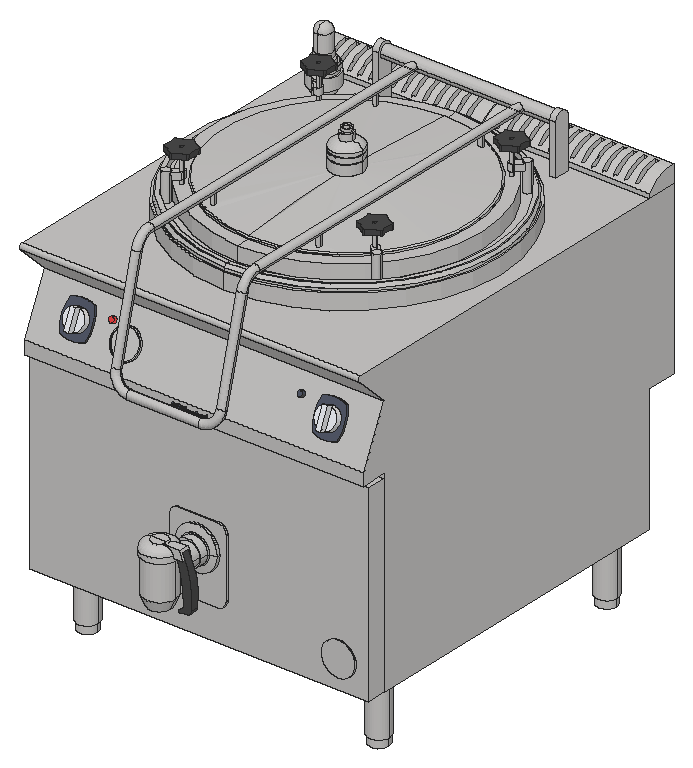
Revit family "QF_ELECTROLUXPROFESSIONAL_391104_E9BSGHIRFC", category Specialty Equipment, Revit 2018
Family settings
  Round Connector Dimension = Use Diameter
  Part Type = Normal
  Work Plane-Based = No
  Always vertical = Yes
  Cut with Voids When Loaded = No
  Shared = No
  Room Calculation Point = No
Parameters
  Width = 800 mm  # constant formula
  Weight in Pounds = 145  # constant formula
  Watts = 0 W
  Waste Water Discharge Temperature [instance] = -459.67 °F
  Volts = 230 V  # constant formula
  URL Cutsheet = "www.electrolux.com"
  URL = "www.electrolux.com"
  Type Mark [instance] = ""
  Status [instance] = ""
  Specification by User [instance] = ""
  Specification by Manufacturer = ""
  Show Logo [instance] = yes
  Show Clearance [instance] = yes
  Serial Number = ""
  Seismic Rating = ""
  SMACNA No = ""
  Revision Code [instance] = ""
  Plumbing Remarks [instance] = ""
  Plumbing Connection Type [instance] = ""
  Phase = 1
  Omniclass Number and Title = ""
  Number of Poles [instance] = 1
  NAFEM Spec ID Number = ""
  Model = "391104"
  Min Ckt Ampacity = 0 A
  Mechanical Remarks [instance] = ""
  Mechanical Connection Type [instance] = ""
  Max Overcurrent Protection = 0 A
  Masterspec = ""
  Manufacturer = "ELECTROLUX"
  Item Number [instance] = ""
  Installed By [instance] = ""
  Indirect Waste Size = 1"
  Indirect Waste Flow [instance] = 0 GPM
  Indirect Waste Connection Type [instance] = ""
  Indirect Waste Connection Height = 0 mm
  Identify Quantity as Lot [instance] = yes
  Hot Water Temperature [instance] = -459.67 °F
  Hot Water Size = 3/4"
  Hot Water RI Height [instance] = 0 mm
  Hot Water Minimum Pressure = 0.00 psi
  Hot Water Maximum Pressure = 0.00 psi
  Hot Water Flow [instance] = 0 GPM
  Hot Water Consumption = 0 GPM
  Hot Water Connection Height = 0 mm
  Height = 850 mm  # constant formula
  HP = "0.1 HP"
  Gas Size = 12.7 mm  # 1/2"
  Gas RI Height [instance] = 0 mm
  Gas KW = 24  # constant formula
  Gas Input = 23977.9 VA  # 81816.0 Btu/h
  Gas Connection Height = 0 mm
  Furnished By [instance] = ""
  Foodservice Equipment Identifier [instance] = yes
  FL Amps = if(Phase = 3, Watts / (Volts * 1.73), Watts / Volts)  # 0 A
  Electrical Remarks [instance] = "230 V/1N ph/50/60 Hz"  # constant formula
  Electric Connection Type [instance] = ""
  Elec Conn RI Height [instance] = 0 mm
  Elec Conn Connection Height [instance] = 0 mm
  Direct Waste Size = 2"
  Description = "900XP GAS CYLINDIRCAL BOILING PAN 150LT INDIRECT HEAT AND AUTOCLAVE- 230 V"
  Depth = 930 mm  # constant formula
  Cycle [instance] = if([60 Hertz Option], 60 Hz, 50 Hz)  # 60 Hz
  Conn Plug = ""
  Conn Conduit = yes
  Cold Water Temperature Recommended [instance] = -459.67 °F
  Cold Water Size = 3/4"
  Cold Water RI Height [instance] = 0 mm
  Cold Water Minimum Pressure = 0.00 psi
  Cold Water Maximum Pressure = 0.00 psi
  Cold Water Flow [instance] = 0 GPM
  Cold Water Consumption = ""
  Cold Water Connection Height = 0 mm
  CSI MasterFormat = ""
  CSI Master Format = ""
  Assembly Code = ""
  Apparent Power = if(Phase = 3, Volts * FL Amps * 1.73, Volts * FL Amps)  # 0 VA
  60 Hertz Option [instance] = not([50 Hertz Option])  # yes
  50 Hertz Option [instance] = no
Reference planes
  plane 1 "BACK": y = 0
  plane 2: z = 0
  plane 3 "LEFT": x = 0
  plane 4 "RIGHT": x = 800
  plane 5 "FRONT": y = -930
  plane 6 "TOP": z = 850
  plane 7 "Center Y": x = 400
  plane 8 "Center X": y = -465
  plane 9 "Base": z = 150
  plane 10: y = -1017
  plane 11: z = 1786
  plane 12: y = -800
  plane 13: x = 56
  plane 14: x = 744
  plane 15: x = 746
  plane 16: x = 729
  plane 17: x = 47
  plane 18: x = 151.01
  plane 19: x = 648.99
  plane 20: y = -127
Forms (mm)
  Revolve 1, solid, material "QF_Finishes_Stainless Steel"
    sketch origin (1, -127, 0) x (1, 0, 0) y (0, 0, 1)
      loop
        line (55, 0) -> (55, 150) -> (29.6, 150) -> (29.6, 19.05) -> (32.1, 19.05) -> (32.1, 0) -> (55, 0)
      axis (55, 0) -> (55, 150)
    angle from 0 to 360
  Revolve 2, solid, material "QF_Finishes_Stainless Steel"
    sketch origin (799, -127, 0) x (-1, 0, 0) y (0, 0, -1)
      loop
        line (55, 0) -> (32.1, 0) -> (32.1, -19.05) -> (29.6, -19.05) -> (29.6, -150) -> (55, -150) -> (55, 0)
      axis (55, 0) -> (55, -150)
    angle from 0 to 360
  Revolve 3, solid, material "QF_Finishes_Stainless Steel"
    sketch origin (1, -800, 0) x (1, 0, 0) y (0, 0, 1)
      loop
        line (55, 0) -> (55, 150) -> (29.6, 150) -> (29.6, 19.05) -> (32.1, 19.05) -> (32.1, 0) -> (55, 0)
      axis (55, 0) -> (55, 150)
    angle from 0 to 360
  Revolve 4, solid, material "QF_Finishes_Stainless Steel"
    sketch origin (799, -800, 0) x (-1, 0, 0) y (0, 0, -1)
      loop
        line (55, 0) -> (32.1, 0) -> (32.1, -19.05) -> (29.6, -19.05) -> (29.6, -150) -> (55, -150) -> (55, 0)
      axis (55, 0) -> (55, -150)
    angle from 0 to 360
  Extrusion 5, solid, material "QF_Finishes_Stainless Steel"
    sketch origin (0, 0, 576.213) x (0, 1, 0) y (0, 0, 1)
      loop
        line (0, -127.212) -> (0, 273.787) -> (-922.342, 273.787)
        arc (-922.342, 273.787) -> (-929.417, 269.06) -> (-927.757, 260.714) r 7.658
        line (-927.757, 260.714) -> (-856.613, 190.57) -> (-915.31, 65.214) -> (-915.31, 33.916) -> (-855.186, 38.612)
        arc (-855.186, 38.612) -> (-852.661, 37.864) -> (-851.569, 35.468) r 3.175
        line (-851.569, 35.468) -> (-851.569, -426.212) -> (-72, -426.212) -> (-72, -127.212) -> (0, -127.212)
      loop
        line (-901, 25.858) -> (-901, -426.212) -> (-854.744, -426.212) -> (-854.744, 25.858) -> (-901, 25.858)
    from 0 to 800
  Extrusion 6, solid, material "QF_Finishes_Stainless Steel"
    sketch origin (0, -901, 557.071) x (0, 0, 1) y (-1, 0, 0)
      loop
        arc (-150.774, -353.125) -> (-156.632, -338.983) -> (-170.774, -333.125) r 20
        line (-170.774, -333.125) -> (-310.774, -333.125)
        arc (-310.774, -333.125) -> (-324.916, -338.983) -> (-330.774, -353.125) r 20
        line (-330.774, -353.125) -> (-330.774, -446.875)
        arc (-330.774, -446.875) -> (-324.916, -461.017) -> (-310.774, -466.875) r 20
        line (-310.774, -466.875) -> (-170.774, -466.875)
        arc (-170.774, -466.875) -> (-156.632, -461.017) -> (-150.774, -446.875) r 20
        line (-150.774, -446.875) -> (-150.774, -353.125)
    from 0 to 3.2
  Revolve 7, solid, material "QF_Finishes_Stainless Steel"
    sketch origin (50, -127.411, 338.218) x (1, 0, 0) y (0, 1, 0)
      loop
        line (350, -776.789) -> (350, -866.845) -> (377.31, -866.845) -> (377.31, -807.326) -> (381.52, -807.326) -> (381.52, -788.802) -> (383.56, -788.802) -> (383.56, -785.903) -> (400.479, -782.307) -> (400.479, -776.789) -> (350, -776.789)
      axis (350, -866.845) -> (350, -776.789)
    angle from 0 to 360
  Extrusion 8, solid, material "QF_Finishes_Stainless Steel"
    sketch origin (0, -901, 557.071) x (0, 0, 1) y (-1, 0, 0)
      loop
        circle (-340.2, -729.973) r 40
      loop
        circle (-280.2, -284.973) r 20
    from 0 to 1.6
  Extrusion 9, solid, material "QF_Finishes_Navy Blue"
    sketch origin (-437.256, -913.119, 646.186) x (0, 0.418102, 0.9084) y (-1, 0, 0)
      loop
        arc (102.623, -510.47) -> (67.041, -502.846) -> (31.333, -509.853) r 90.5
        arc (31.333, -509.853) -> (24.507, -539.04) -> (31.333, -568.228) r 65.817
        arc (31.333, -568.228) -> (67.04, -575.188) -> (102.623, -567.615) r 91.066
        arc (102.623, -567.615) -> (109.179, -539.043) -> (102.623, -510.47) r 65.546
      loop
        arc (102.623, -1164.043) -> (109.179, -1135.47) -> (102.623, -1106.897) r 65.546
        arc (102.623, -1106.897) -> (67.04, -1099.324) -> (31.333, -1106.284) r 91.066
        arc (31.333, -1106.284) -> (24.507, -1135.472) -> (31.333, -1164.66) r 65.817
        arc (31.333, -1164.66) -> (67.041, -1171.667) -> (102.623, -1164.043) r 90.5
    from 0 to 3.175
  Extrusion 10, solid, material "QF_Finishes_White"
    sketch origin (-58.506, -916.833, 645.711) x (0, 0.418102, 0.9084) y (-1, 0, 0)
      loop
        circle (68.826, -160.963) r 25.4
      loop
        circle (68.826, -756.049) r 25.4
    from 0 to 12.7
  Extrusion 11, solid, material "QF_Finishes_White"
    sketch origin (-58.506, -928.369, 651.021) x (0, 0.418102, 0.9084) y (-1, 0, 0)
      loop
        arc (93.558, -166.749) -> (94.226, -160.963) -> (93.558, -155.177) r 25.4
        line (93.558, -155.177) -> (44.094, -155.177)
        arc (44.094, -155.177) -> (43.426, -160.963) -> (44.094, -166.749) r 25.4
        line (44.094, -166.749) -> (93.558, -166.749)
      loop
        line (93.558, -750.263) -> (44.094, -750.263)
        arc (44.094, -750.263) -> (43.426, -756.049) -> (44.094, -761.836) r 25.4
        line (44.094, -761.836) -> (93.558, -761.836)
        arc (93.558, -761.836) -> (94.226, -756.049) -> (93.558, -750.263) r 25.4
    from 0 to 12.7
  Extrusion 12, solid, material "QF_Finishes_Red"
    sketch origin (-137.986, -902.667, 668.896) x (0, 0.418102, 0.9084) y (-1, 0, 0)
      loop
        circle (65.471, -315.169) r 6.35
    from 0 to 6
  Extrusion 13, solid, material "QF_Finishes_Navy Blue"
    sketch origin (937.986, -902.667, 668.896) x (0, 0.418102, 0.9084) y (-1, 0, 0)
      loop
        circle (65.471, 315.169) r 6.35
    from 0 to 6
  Extrusion 14, solid, material "QF_Finishes_Navy Blue", visible <- "Show Logo"
    sketch origin (61.109, -915.31, 610.773) x (0, 0, 1) y (-1, 0, 0)
      loop
        line (20.674, -296.698) -> (8.307, -296.698)
        arc (8.307, -296.698) -> (14.491, -301.27) -> (20.674, -296.698) r 6.467
      loop
        arc (20.674, -296.069) -> (19.505, -290.926) -> (14.849, -288.448) r 6.338
        line (14.849, -288.448) -> (14.849, -290.494)
        arc (14.849, -290.494) -> (16.333, -294.149) -> (19.778, -296.069) r 5.941
        line (19.778, -296.069) -> (20.674, -296.069)
      loop
        arc (9.203, -296.069) -> (12.648, -294.149) -> (14.132, -290.494) r 5.941
        line (14.132, -290.494) -> (14.132, -288.448)
        arc (14.132, -288.448) -> (9.438, -290.922) -> (8.148, -296.069) r 6.504
        line (8.148, -296.069) -> (9.203, -296.069)
      loop
        line (21.349, -287.979) -> (7.604, -287.979) -> (7.604, -301.742) -> (21.349, -301.742) -> (21.349, -287.979)
      loop
        arc (21.432, -304.71) -> (21.085, -304.352) -> (20.718, -304.69) r 0.358
        arc (20.718, -304.69) -> (20.404, -305.44) -> (19.687, -305.825) r 1.216
        line (19.687, -305.825) -> (9.274, -305.825)
        arc (9.274, -305.825) -> (8.614, -305.548) -> (8.218, -304.951) r 1.238
        arc (8.218, -304.951) -> (7.823, -304.7) -> (7.518, -305.054) r 0.358
        line (7.518, -305.054) -> (7.518, -314.933) -> (10.269, -314.933) -> (10.269, -314.036)
        arc (10.269, -314.036) -> (9.36, -313.456) -> (8.904, -312.479) r 1.928
        line (8.904, -312.479) -> (8.904, -309.98)
        arc (8.904, -309.98) -> (9.18, -309.251) -> (9.868, -308.887) r 1.101
        line (9.868, -308.887) -> (13.955, -308.887) -> (13.955, -312.561)
        arc (13.955, -312.561) -> (13.602, -313.058) -> (13.037, -313.286) r 1.083
        arc (13.037, -313.286) -> (12.773, -313.591) -> (13.065, -313.869) r 0.292
        line (13.065, -313.869) -> (16.028, -313.869)
        arc (16.028, -313.869) -> (16.33, -313.596) -> (16.092, -313.266) r 0.305
        arc (16.092, -313.266) -> (15.601, -313.018) -> (15.296, -312.561) r 1.083
        line (15.296, -312.561) -> (15.296, -308.887) -> (19.973, -308.887) -> (19.973, -312.635)
        arc (19.973, -312.635) -> (19.759, -313.39) -> (19.153, -313.888) r 1.314
        arc (19.153, -313.888) -> (18.934, -314.292) -> (19.288, -314.585) r 0.361
        line (19.288, -314.585) -> (21.432, -314.585) -> (21.432, -304.71)
      loop
        arc (20.715, -315.365) -> (20.335, -316.284) -> (19.416, -316.664) r 1.299
        line (19.416, -316.664) -> (9.837, -316.664)
        arc (9.837, -316.664) -> (8.999, -316.286) -> (8.728, -315.408) r 1.118
        line (8.728, -315.408) -> (7.518, -315.408) -> (7.518, -320.758) -> (8.706, -320.758)
        arc (8.706, -320.758) -> (8.978, -319.841) -> (9.848, -319.445) r 1.153
        line (9.848, -319.445) -> (21.92, -319.445) -> (20.715, -315.365)
      loop
        line (12.483, -323.394) -> (12.483, -329.842) -> (13.282, -329.842)
        arc (13.282, -329.842) -> (15.862, -328.857) -> (17.131, -326.404) r 3.874
        line (17.131, -326.404) -> (17.131, -324.643)
        arc (17.131, -324.643) -> (15.944, -321.778) -> (13.08, -320.592) r 4.051
        line (13.08, -320.592) -> (11.072, -320.592)
        arc (11.072, -320.592) -> (8.253, -322.077) -> (7.202, -325.084) r 4.352
        arc (7.202, -325.084) -> (7.566, -327.547) -> (8.943, -329.621) r 5.713
        line (8.943, -329.621) -> (9.892, -329.621)
        arc (9.892, -329.621) -> (9.16, -328.052) -> (8.943, -326.334) r 5.579
        arc (8.943, -326.334) -> (9.737, -324.371) -> (11.616, -323.394) r 3.057
        line (11.616, -323.394) -> (12.483, -323.394)
      loop
        line (13.742, -323.394) -> (13.742, -326.977)
        arc (13.742, -326.977) -> (15.199, -327.024) -> (16.082, -325.864) r 1.59
        line (16.082, -325.864) -> (16.082, -325.034)
        arc (16.082, -325.034) -> (15.217, -323.779) -> (13.742, -323.394) r 2.184
      loop
        arc (16.533, -339.259) -> (17.022, -337.585) -> (17.179, -335.848) r 9.023
        line (17.179, -335.848) -> (17.179, -334.486)
        arc (17.179, -334.486) -> (16.02, -331.686) -> (13.22, -330.527) r 3.959
        line (13.22, -330.527) -> (10.62, -330.527)
        arc (10.62, -330.527) -> (8.338, -331.819) -> (7.221, -334.192) r 4.331
        line (7.221, -334.192) -> (7.221, -336.327)
        arc (7.221, -336.327) -> (7.729, -337.877) -> (8.651, -339.223) r 5.772
        arc (8.651, -339.223) -> (9.412, -339.274) -> (9.499, -338.515) r 0.553
        arc (9.499, -338.515) -> (9.111, -337.781) -> (8.977, -336.962) r 2.573
        line (8.977, -336.962) -> (8.977, -335.447)
        arc (8.977, -335.447) -> (9.983, -333.806) -> (11.798, -333.163) r 2.884
        line (11.798, -333.163) -> (13.077, -333.163)
        arc (13.077, -333.163) -> (14.898, -333.723) -> (15.824, -335.388) r 2.554
        line (15.824, -335.388) -> (15.824, -336.441)
        arc (15.824, -336.441) -> (15.493, -337.369) -> (14.836, -338.104) r 2.564
        arc (14.836, -338.104) -> (14.614, -338.821) -> (15.223, -339.259) r 0.643
        line (15.223, -339.259) -> (16.533, -339.259)
      loop
        line (15.515, -339.53) -> (15.515, -341.031) -> (9.467, -341.031)
        arc (9.467, -341.031) -> (7.879, -341.688) -> (7.221, -343.276) r 2.246
        line (7.221, -343.276) -> (7.221, -344.86)
        arc (7.221, -344.86) -> (7.535, -345.725) -> (8.035, -346.496) r 4.06
        arc (8.035, -346.496) -> (8.768, -346.629) -> (9.019, -345.928) r 0.576
        arc (9.019, -345.928) -> (8.913, -345.403) -> (8.977, -344.87) r 1.69
        arc (8.977, -344.87) -> (9.519, -344.082) -> (10.425, -343.779) r 1.506
        line (10.425, -343.779) -> (15.563, -343.779) -> (15.563, -346.176) -> (16.119, -346.733) -> (16.941, -346.733) -> (16.941, -343.873) -> (20.172, -343.873) -> (15.515, -339.53)
      loop
        line (7.438, -347.63) -> (7.438, -353.017) -> (8.548, -353.017)
        arc (8.548, -353.017) -> (8.942, -352.066) -> (9.893, -351.672) r 1.345
        line (9.893, -351.672) -> (13.509, -351.672)
        arc (13.509, -351.672) -> (14.274, -352.264) -> (14.564, -353.186) r 1.615
        line (14.564, -353.186) -> (14.564, -354.742) -> (17.119, -355.427) -> (17.119, -354.044) -> (15.177, -351.485) -> (17.057, -351.485) -> (16.773, -348.779)
        arc (16.773, -348.779) -> (16.333, -348.249) -> (15.674, -348.45) r 0.621
        arc (15.674, -348.45) -> (15.274, -348.792) -> (14.78, -348.975) r 1.501
        line (14.78, -348.975) -> (9.893, -348.975)
        arc (9.893, -348.975) -> (8.942, -348.581) -> (8.548, -347.63) r 1.345
        line (8.548, -347.63) -> (7.438, -347.63)
      loop
        line (13.54, -354.964) -> (10.848, -354.964)
        arc (10.848, -354.964) -> (8.403, -356.272) -> (7.269, -358.803) r 4.288
        arc (7.269, -358.803) -> (7.205, -360.183) -> (7.269, -361.563) r 15.022
        arc (7.269, -361.563) -> (8.403, -364.094) -> (10.848, -365.401) r 4.288
        line (10.848, -365.401) -> (13.54, -365.401)
        arc (13.54, -365.401) -> (15.986, -364.094) -> (17.119, -361.563) r 4.288
        arc (17.119, -361.563) -> (17.183, -360.183) -> (17.119, -358.803) r 15.022
        arc (17.119, -358.803) -> (15.986, -356.272) -> (13.54, -354.964) r 4.288
      loop
        line (13.745, -358.078) -> (10.643, -358.078)
        arc (10.643, -358.078) -> (8.486, -360.235) -> (10.643, -362.392) r 2.157
        line (10.643, -362.392) -> (13.745, -362.392)
        arc (13.745, -362.392) -> (15.902, -360.235) -> (13.745, -358.078) r 2.157
      loop
        arc (20.726, -365.26) -> (20.355, -366.154) -> (19.461, -366.524) r 1.264
        line (19.461, -366.524) -> (9.597, -366.524)
        arc (9.597, -366.524) -> (8.727, -366.127) -> (8.455, -365.211) r 1.153
        line (8.455, -365.211) -> (7.518, -365.211) -> (7.518, -370.319) -> (8.446, -370.319)
        arc (8.446, -370.319) -> (8.805, -369.547) -> (9.597, -369.232) r 1.153
        line (9.597, -369.232) -> (21.92, -369.232) -> (20.726, -365.26)
      loop
        arc (15.846, -369.857) -> (15.647, -370.921) -> (14.678, -371.403) r 1.215
        line (14.678, -371.403) -> (9.658, -371.403)
        arc (9.658, -371.403) -> (8.043, -372.051) -> (7.322, -373.634) r 2.338
        line (7.322, -373.634) -> (7.322, -375.148)
        arc (7.322, -375.148) -> (7.497, -376.152) -> (7.999, -377.038) r 2.979
        line (7.999, -377.038) -> (7.518, -378.835) -> (7.518, -380.524) -> (16.943, -380.524) -> (16.649, -376.32) -> (15.863, -376.32)
        arc (15.863, -376.32) -> (15.507, -377.156) -> (14.755, -377.665) r 1.605
        line (14.755, -377.665) -> (9.652, -377.665)
        arc (9.652, -377.665) -> (9.232, -376.728) -> (9.159, -375.704) r 2.94
        arc (9.159, -375.704) -> (9.72, -374.603) -> (10.873, -374.16) r 1.724
        line (10.873, -374.16) -> (17.07, -374.16) -> (15.846, -369.857)
      loop
        line (16.874, -381.377) -> (15.202, -383.423) -> (12.028, -385.729) -> (8.572, -382.617)
        arc (8.572, -382.617) -> (8.335, -382.223) -> (8.357, -381.764) r 0.789
        line (8.357, -381.764) -> (7.518, -381.764) -> (7.518, -385.309) -> (8.344, -385.309)
        arc (8.344, -385.309) -> (8.686, -384.947) -> (9.176, -385.039) r 0.52
        line (9.176, -385.039) -> (10.976, -386.51) -> (8.858, -387.886)
        arc (8.858, -387.886) -> (8.457, -387.576) -> (8.37, -387.076) r 0.7
        line (8.37, -387.076) -> (7.518, -387.076) -> (7.518, -393.003) -> (8.405, -393.003)
        arc (8.405, -393.003) -> (8.472, -392.344) -> (8.866, -391.813) r 1.247
        line (8.866, -391.813) -> (13.066, -388.532) -> (15.513, -390.585) -> (16.874, -392.327) -> (16.874, -388.604) -> (15.389, -389.026) -> (13.868, -387.749) -> (15.568, -386.559) -> (16.874, -387.336) -> (16.874, -381.377)
    from 0 to 1.644
  Revolve 15, solid, material "QF_Finishes_Stainless Steel"
    sketch origin (400, -109.012, 0.687) x (0, 1, 0) y (0, 0, 1)
      loop
        line (-355.988, 849.312) -> (-355.988, 946.284)
        arc (-355.988, 946.284) -> (-500.572, 942.27) -> (-644.711, 930.241) r 2606.177
        line (-644.711, 930.241) -> (-647.488, 927.465) -> (-647.488, 924.094) -> (-676.819, 924.094) -> (-676.819, 888.437) -> (-701.151, 888.437) -> (-701.151, 902.549) -> (-710.075, 902.549) -> (-710.075, 900.745) -> (-714.988, 892.235) -> (-714.988, 886.51) -> (-719.988, 886.51) -> (-719.988, 849.312) -> (-355.988, 849.312)
      axis (-355.988, 849.312) -> (-355.988, 946.284)
    angle from 0 to 360
  Extrusion 16, solid, material "QF_Finishes_Stainless Steel"
    sketch origin (0, 0, 560.363) x (0, 1, 0) y (0, 0, 1)
      loop
        line (0, 289.638) -> (0, 331.738)
        arc (0, 331.738) -> (-38.857, 324.552) -> (-69.85, 300.038) r 82.056
        line (-69.85, 300.038) -> (-69.85, 289.638) -> (0, 289.638)
    from 0 to 400
  Extrusion 17, void
    sketch origin (0, 0, 835) x (0, -1, 0) y (1, 0, 0)
      loop
        line (6.761, 29.703) -> (63.911, 29.703) -> (63.911, 38.999) -> (6.761, 38.999) -> (6.761, 29.703)
      loop
        line (63.911, 64.487) -> (6.761, 64.487) -> (6.761, 55.191) -> (63.911, 55.191) -> (63.911, 64.487)
      loop
        line (63.911, 89.975) -> (6.761, 89.975) -> (6.761, 80.68) -> (63.911, 80.68) -> (63.911, 89.975)
      loop
        line (63.911, 115.464) -> (6.761, 115.464) -> (6.761, 106.168) -> (63.911, 106.168) -> (63.911, 115.464)
      loop
        line (63.911, 140.952) -> (6.761, 140.952) -> (6.761, 131.656) -> (63.911, 131.656) -> (63.911, 140.952)
      loop
        line (63.911, 166.44) -> (6.761, 166.44) -> (6.761, 157.145) -> (63.911, 157.145) -> (63.911, 166.44)
      loop
        line (63.911, 191.929) -> (6.761, 191.929) -> (6.761, 182.633) -> (63.911, 182.633) -> (63.911, 191.929)
      loop
        line (63.911, 217.417) -> (6.761, 217.417) -> (6.761, 208.121) -> (63.911, 208.121) -> (63.911, 217.417)
      loop
        line (63.911, 242.905) -> (6.761, 242.905) -> (6.761, 233.61) -> (63.911, 233.61) -> (63.911, 242.905)
      loop
        line (63.911, 268.394) -> (6.761, 268.394) -> (6.761, 259.098) -> (63.911, 259.098) -> (63.911, 268.394)
      loop
        line (63.911, 293.882) -> (6.761, 293.882) -> (6.761, 284.586) -> (63.911, 284.586) -> (63.911, 293.882)
      loop
        line (63.911, 319.37) -> (6.761, 319.37) -> (6.761, 310.075) -> (63.911, 310.075) -> (63.911, 319.37)
      loop
        line (63.911, 344.859) -> (6.761, 344.859) -> (6.761, 335.563) -> (63.911, 335.563) -> (63.911, 344.859)
      loop
        line (63.911, 370.347) -> (6.761, 370.347) -> (6.761, 361.051) -> (63.911, 361.051) -> (63.911, 370.347)
    from 25.4 to 63.5
  Extrusion 18, solid, material "QF_Finishes_Stainless Steel"
    sketch origin (800, 0, 560.363) x (0, 1, 0) y (0, 0, -1)
      loop
        line (0, -289.638) -> (-69.85, -289.638) -> (-69.85, -300.038)
        arc (-69.85, -300.038) -> (-38.857, -324.552) -> (0, -331.738) r 82.056
        line (0, -331.738) -> (0, -289.638)
    from 0 to 400
  Extrusion 19, void
    sketch origin (800, 0, 835) x (0, -1, 0) y (1, 0, 0)
      loop
        line (6.761, -29.703) -> (6.761, -38.999) -> (63.911, -38.999) -> (63.911, -29.703) -> (6.761, -29.703)
      loop
        line (63.911, -64.487) -> (63.911, -55.191) -> (6.761, -55.191) -> (6.761, -64.487) -> (63.911, -64.487)
      loop
        line (63.911, -89.975) -> (63.911, -80.68) -> (6.761, -80.68) -> (6.761, -89.975) -> (63.911, -89.975)
      loop
        line (63.911, -115.464) -> (63.911, -106.168) -> (6.761, -106.168) -> (6.761, -115.464) -> (63.911, -115.464)
      loop
        line (63.911, -140.952) -> (63.911, -131.656) -> (6.761, -131.656) -> (6.761, -140.952) -> (63.911, -140.952)
      loop
        line (63.911, -166.44) -> (63.911, -157.145) -> (6.761, -157.145) -> (6.761, -166.44) -> (63.911, -166.44)
      loop
        line (63.911, -191.929) -> (63.911, -182.633) -> (6.761, -182.633) -> (6.761, -191.929) -> (63.911, -191.929)
      loop
        line (63.911, -217.417) -> (63.911, -208.121) -> (6.761, -208.121) -> (6.761, -217.417) -> (63.911, -217.417)
      loop
        line (63.911, -242.905) -> (63.911, -233.61) -> (6.761, -233.61) -> (6.761, -242.905) -> (63.911, -242.905)
      loop
        line (63.911, -268.394) -> (63.911, -259.098) -> (6.761, -259.098) -> (6.761, -268.394) -> (63.911, -268.394)
      loop
        line (63.911, -293.882) -> (63.911, -284.586) -> (6.761, -284.586) -> (6.761, -293.882) -> (63.911, -293.882)
      loop
        line (63.911, -319.37) -> (63.911, -310.075) -> (6.761, -310.075) -> (6.761, -319.37) -> (63.911, -319.37)
      loop
        line (63.911, -344.859) -> (63.911, -335.563) -> (6.761, -335.563) -> (6.761, -344.859) -> (63.911, -344.859)
      loop
        line (63.911, -370.347) -> (63.911, -361.051) -> (6.761, -361.051) -> (6.761, -370.347) -> (63.911, -370.347)
    from 25.4 to 63.5
  Extrusion 20, solid, material "QF_Finishes_Stainless Steel"
    sketch origin (0, -90.262, 0) x (1, 0, 0) y (0, 1, 0)
      loop
        circle (275.084, -613.366) r 5
      loop
        circle (275.084, -135.109) r 5
      loop
        circle (524.916, -613.366) r 5
      loop
        circle (524.916, -135.109) r 5
    from 873.469 to 966.597
  Extrusion 21, solid, material "QF_Finishes_Stainless Steel"
    sketch origin (0, -653.222, 150) x (1, 0, 0) y (0, -1, 0)
      loop
        circle (746, 1.778) r 6.35
    from 0 to 13
  Extrusion 22, solid, material "QF_Finishes_Stainless Steel"
    sketch origin (0, -654.222, 150) x (1, 0, 0) y (0, -1, 0)
      loop
        circle (729, 66.778) r 6.35
    from 0 to 13
  Extrusion 23, solid, material "QF_Finishes_Stainless Steel"
    sketch origin (-673, -652.222, 150) x (1, 0, 0) y (0, -1, 0)
      loop
        circle (720, -6.222) r 9.5
      loop
        circle (720, 63.778) r 9.5
    from 0 to 13
  Extrusion 24, solid, material "QF_Clearances", visible <- "Show Clearance", detail levels coarse
    sketch origin (0, 0, 0) x (1, 0, 0) y (0, 1, 0)
      loop
        line (-50, -930) -> (0, -930) -> (0, 0) -> (800, 0) -> (800, -930) -> (850, -930) -> (850, 50) -> (-50, 50) -> (-50, -930)
    from 0 to 865.138
  Extrusion 25, solid, material "QF_Finishes_Stainless Steel"
    sketch origin (73.929, 3.488, 39.209) x (0, 1, 0) y (0, 0, 1)
      loop
        line (-86.2, 810.791) -> (-86.2, 927.861)
        arc (-86.2, 927.861) -> (-103.594, 945.255) -> (-120.988, 927.861) r 17.394
        line (-120.988, 927.861) -> (-120.988, 810.791) -> (-86.2, 810.791)
    from 527.978 to 542.561
  Extrusion 26, solid, material "QF_Finishes_Stainless Steel"
    sketch origin (0, 3.488, 37.959) x (0, 1, 0) y (0, 0, 1)
      loop
        circle (-103.594, 927.13) r 15
    from 198.093 to 601.907
  Extrusion 27, solid, material "QF_Finishes_Stainless Steel"
    sketch origin (726.071, 3.488, 39.209) x (0, 1, 0) y (0, 0, -1)
      loop
        line (-86.2, -810.791) -> (-120.988, -810.791) -> (-120.988, -927.861)
        arc (-120.988, -927.861) -> (-103.594, -945.255) -> (-86.2, -927.861) r 17.394
        line (-86.2, -927.861) -> (-86.2, -810.791)
    from 527.978 to 542.561
  Extrusion 28, solid, material "QF_Finishes_Stainless Steel"
    sketch origin (0, -858.418, 765.034) x (0, -0.418102, -0.9084) y (1, 0, 0)
      loop
        circle (73.793, 217.932) r 35
    from 0 to 3.2
  Extrusion 29, void
    sketch origin (0, -861.325, 766.372) x (0, -0.418102, -0.9084) y (1, 0, 0)
      loop
        circle (73.793, 217.932) r 33
    from 0 to -1.6
  Revolve 30, solid, material "QF_Finishes_Stainless Steel"
    sketch origin (75, 0, 0) x (0, 1, 0) y (0, 0, 1)
      loop
        line (-127, 850) -> (-127, 995.049)
        arc (-127, 995.049) -> (-139.857, 989.724) -> (-145.183, 976.867) r 18.183
        line (-145.183, 976.867) -> (-145.183, 936.198) -> (-147.515, 936.198) -> (-147.515, 925.501) -> (-152, 921.015) -> (-152, 914.56) -> (-157, 914.56) -> (-157, 909.56) -> (-160.008, 909.56) -> (-160.008, 901.432) -> (-157, 901.432) -> (-157, 892.923) -> (-162, 892.923) -> (-162, 865.138) -> (-152, 865.138) -> (-152, 850) -> (-127, 850)
      axis (-127, 850) -> (-127, 995.049)
    angle from 0 to 360
  Extrusion 31, solid, material "QF_Finishes_Stainless Steel"
    sketch origin (400, -465, 889.125) x (-1, 0, 0) y (0, -1, 0)
      loop
        circle (248.99, -222.263) r 9.5
      loop
        circle (-248.99, -222.263) r 9.5
      loop
        circle (248.99, 222.737) r 9.5
      loop
        circle (-248.99, 222.737) r 9.5
    from 0 to 65.025
  Extrusion 32, solid, material "QF_Finishes_Stainless Steel"
    sketch origin (0, 0, 0) x (1, 0, 0) y (0, 1, 0)
      loop
        line (160.29, -688.771) -> (176.792, -672.269)
        arc (176.792, -672.269) -> (176.792, -660.955) -> (165.478, -660.955) r 8
        line (165.478, -660.955) -> (148.976, -677.457)
        arc (148.976, -677.457) -> (157.728, -680.019) -> (160.29, -688.771) r 9.5
      loop
        arc (639.71, -688.771) -> (642.272, -680.019) -> (651.024, -677.457) r 9.5
        line (651.024, -677.457) -> (634.522, -660.955)
        arc (634.522, -660.955) -> (623.208, -660.955) -> (623.208, -672.269) r 8
        line (623.208, -672.269) -> (639.71, -688.771)
      loop
        arc (160.29, -240.703) -> (157.728, -249.454) -> (148.976, -252.017) r 9.5
        line (148.976, -252.017) -> (165.478, -268.519)
        arc (165.478, -268.519) -> (176.792, -268.519) -> (176.792, -257.205) r 8
        line (176.792, -257.205) -> (160.29, -240.703)
      loop
        line (639.71, -240.703) -> (623.208, -257.205)
        arc (623.208, -257.205) -> (623.208, -268.519) -> (634.522, -268.519) r 8
        line (634.522, -268.519) -> (651.024, -252.017)
        arc (651.024, -252.017) -> (642.272, -249.454) -> (639.71, -240.703) r 9.5
    from 936.198 to 951.201
  Extrusion 33, solid, material "QF_Finishes_Stainless Steel"
    sketch origin (400, -465, 924.782) x (-1, 0, 0) y (0, -1, 0)
      loop
        circle (228.323, 202.069) r 4
      loop
        circle (-228.323, 202.069) r 4
      loop
        circle (228.323, -202.069) r 4
      loop
        circle (-228.323, -202.069) r 4
    from 0 to 65.572
  Extrusion 34, solid, material "QF_Finishes_Black"
    sketch origin (0, 0, 0) x (1, 0, 0) y (0, 1, 0)
      loop
        circle (171.677, -667.069) r 4
      loop
        arc (173.74, -634.086) -> (171.677, -633.272) -> (169.615, -634.086) r 3.02
        arc (169.615, -634.086) -> (157.714, -642.903) -> (144.127, -648.797) r 65
        arc (144.127, -648.797) -> (142.401, -650.167) -> (142.077, -652.346) r 3
        arc (142.077, -652.346) -> (143.767, -667.069) -> (142.077, -681.793) r 65
        arc (142.077, -681.793) -> (142.401, -683.972) -> (144.127, -685.342) r 3
        arc (144.127, -685.342) -> (157.733, -691.247) -> (169.647, -700.083) r 65
        arc (169.647, -700.083) -> (171.677, -700.885) -> (173.708, -700.083) r 2.971
        arc (173.708, -700.083) -> (185.622, -691.247) -> (199.228, -685.342) r 65
        arc (199.228, -685.342) -> (200.954, -683.972) -> (201.278, -681.793) r 3
        arc (201.278, -681.793) -> (199.588, -667.069) -> (201.278, -652.346) r 65
        arc (201.278, -652.346) -> (200.954, -650.167) -> (199.228, -648.797) r 3
        arc (199.228, -648.797) -> (185.641, -642.903) -> (173.74, -634.086) r 65
      loop
        circle (628.323, -667.069) r 4
      loop
        arc (626.26, -634.086) -> (614.359, -642.903) -> (600.772, -648.797) r 65
        arc (600.772, -648.797) -> (599.046, -650.167) -> (598.722, -652.346) r 3
        arc (598.722, -652.346) -> (600.412, -667.069) -> (598.722, -681.793) r 65
        arc (598.722, -681.793) -> (599.046, -683.972) -> (600.772, -685.342) r 3
        arc (600.772, -685.342) -> (614.378, -691.247) -> (626.292, -700.083) r 65
        arc (626.292, -700.083) -> (628.323, -700.885) -> (630.353, -700.083) r 2.971
        arc (630.353, -700.083) -> (642.267, -691.247) -> (655.873, -685.342) r 65
        arc (655.873, -685.342) -> (657.599, -683.972) -> (657.923, -681.793) r 3
        arc (657.923, -681.793) -> (656.233, -667.069) -> (657.923, -652.346) r 65
        arc (657.923, -652.346) -> (657.599, -650.167) -> (655.873, -648.797) r 3
        arc (655.873, -648.797) -> (642.286, -642.903) -> (630.385, -634.086) r 65
        arc (630.385, -634.086) -> (628.323, -633.272) -> (626.26, -634.086) r 3.02
      loop
        circle (171.677, -262.931) r 4
      loop
        arc (173.74, -295.914) -> (185.641, -287.097) -> (199.228, -281.203) r 65
        arc (199.228, -281.203) -> (200.954, -279.833) -> (201.278, -277.654) r 3
        arc (201.278, -277.654) -> (199.588, -262.931) -> (201.278, -248.207) r 65
        arc (201.278, -248.207) -> (200.954, -246.028) -> (199.228, -244.658) r 3
        arc (199.228, -244.658) -> (185.622, -238.753) -> (173.708, -229.917) r 65
        arc (173.708, -229.917) -> (171.677, -229.115) -> (169.647, -229.917) r 2.971
        arc (169.647, -229.917) -> (157.733, -238.753) -> (144.127, -244.658) r 65
        arc (144.127, -244.658) -> (142.401, -246.028) -> (142.077, -248.207) r 3
        arc (142.077, -248.207) -> (143.767, -262.931) -> (142.077, -277.654) r 65
        arc (142.077, -277.654) -> (142.401, -279.833) -> (144.127, -281.203) r 3
        arc (144.127, -281.203) -> (157.714, -287.097) -> (169.615, -295.914) r 65
        arc (169.615, -295.914) -> (171.677, -296.728) -> (173.74, -295.914) r 3.02
      loop
        circle (628.323, -262.931) r 4
      loop
        arc (626.26, -295.914) -> (628.323, -296.728) -> (630.385, -295.914) r 3.02
        arc (630.385, -295.914) -> (642.286, -287.097) -> (655.873, -281.203) r 65
        arc (655.873, -281.203) -> (657.599, -279.833) -> (657.923, -277.654) r 3
        arc (657.923, -277.654) -> (656.233, -262.931) -> (657.923, -248.207) r 65
        arc (657.923, -248.207) -> (657.599, -246.028) -> (655.873, -244.658) r 3
        arc (655.873, -244.658) -> (642.267, -238.753) -> (630.353, -229.917) r 65
        arc (630.353, -229.917) -> (628.323, -229.115) -> (626.292, -229.917) r 2.971
        arc (626.292, -229.917) -> (614.378, -238.753) -> (600.772, -244.658) r 65
        arc (600.772, -244.658) -> (599.046, -246.028) -> (598.722, -248.207) r 3
        arc (598.722, -248.207) -> (600.412, -262.931) -> (598.722, -277.654) r 65
        arc (598.722, -277.654) -> (599.046, -279.833) -> (600.772, -281.203) r 3
        arc (600.772, -281.203) -> (614.359, -287.097) -> (626.26, -295.914) r 65
    from 990.354 to 1001.265
  Revolve 35, solid, material "QF_Finishes_Stainless Steel"
    sketch origin (50, -1017, -209.451) x (1, 0, 0) y (0, 0, 1)
      loop
        line (387.487, 584.414) -> (391.109, 584.414) -> (391.109, 596.458)
        arc (391.109, 596.458) -> (383.595, 608.72) -> (370.039, 613.521) r 21.541
        line (370.039, 613.521) -> (350, 613.521) -> (350, 475.451) -> (376.476, 475.451) -> (387.487, 500.451) -> (387.487, 584.414)
      axis (350, 475.451) -> (350, 613.521)
    angle from 0 to 360
  Extrusion 36, solid, material "QF_Finishes_Black"
    sketch origin (0, -932, 1) x (1, 0, 0) y (0, 0, 1)
      loop
        arc (462.072, 282.761) -> (458.739, 279.204) -> (454.343, 277.096) r 13.226
        arc (454.343, 277.096) -> (451.562, 273.099) -> (455.036, 269.686) r 3.774
        line (455.036, 269.686) -> (472.172, 272.033)
        arc (472.172, 272.033) -> (478.889, 276.04) -> (480.667, 283.655) r 10
        arc (480.667, 283.655) -> (479.826, 343.081) -> (460.542, 399.297) r 188.693
        line (460.542, 399.297) -> (438.183, 399.297)
        arc (438.183, 399.297) -> (458.444, 342.734) -> (462.072, 282.761) r 212.616
    from 77.064 to 92.936
  Extrusion 37, solid, material "QF_Finishes_Stainless Steel"
    sketch origin (0, -932, 1) x (1, 0, 0) y (0, 0, 1)
      loop
        line (436.837, 382.461) -> (463.876, 382.461)
        arc (463.876, 382.461) -> (461.091, 393.228) -> (456.741, 403.464) r 74.823
        line (456.741, 403.464) -> (415.663, 403.464)
        arc (415.663, 403.464) -> (428.508, 395.239) -> (436.837, 382.461) r 36.276
    from 74.362 to 95.975
  Extrusion 38, solid, material "QF_Finishes_Stainless Steel"
    sketch origin (35, -654.222, 150) x (1, 0, 0) y (0, -1, 0)
      loop
        circle (736, 61.778) r 4
    from 0 to 13
  Revolve 39, solid, material "QF_Finishes_Stainless Steel"
    sketch origin (0, -465, 13.75) x (-1, 0, 0) y (0, 0, 1)
      loop
        line (-400, 1026.597) -> (-406.853, 1026.597) -> (-406.853, 1021.597) -> (-411.853, 1021.597) -> (-411.853, 1016.597) -> (-409.619, 1016.597) -> (-409.619, 1011.597) -> (-414.619, 1011.597) -> (-414.619, 998.268)
        arc (-414.619, 998.268) -> (-427.359, 993.544) -> (-436.874, 983.845) r 31.138
        line (-436.874, 983.845) -> (-436.874, 976.783) -> (-434.664, 976.783) -> (-434.664, 973.827) -> (-436.874, 973.827) -> (-436.874, 962.824) -> (-434.664, 962.824) -> (-434.664, 959.868) -> (-436.874, 959.868) -> (-436.874, 937.193) -> (-426.874, 937.193) -> (-426.874, 920.933) -> (-400, 920.933) -> (-400, 1026.597)
      axis (-400, 920.933) -> (-400, 1026.597)
    angle from 0 to 360
  Revolve 40, solid, material "QF_Clearances", visible <- "Show Clearance", detail levels coarse
    sketch origin (400, -1057.161, 758.356) x (0, 0.207912, -0.978148) y (0, 0.978148, 0.207912)
      loop
        line (-355.988, 849.312) -> (-355.988, 946.284)
        arc (-355.988, 946.284) -> (-500.572, 942.27) -> (-644.711, 930.241) r 2606.177
        line (-644.711, 930.241) -> (-647.488, 927.465) -> (-647.488, 924.094) -> (-676.819, 924.094) -> (-676.819, 888.437) -> (-701.151, 888.437) -> (-701.151, 902.549) -> (-710.075, 902.549) -> (-710.075, 900.745) -> (-714.988, 892.235) -> (-714.988, 886.51) -> (-719.988, 886.51) -> (-719.988, 849.312) -> (-355.988, 849.312)
      axis (-355.988, 849.312) -> (-355.988, 946.284)
    angle from 0 to 360
  Extrusion 41, solid, material "QF_Clearances", visible <- "Show Clearance", detail levels coarse
    sketch origin (0, -1053.936, 739.873) x (1, 0, 0) y (0, 0.207912, -0.978148)
      loop
        circle (275.084, -613.366) r 5
      loop
        circle (275.084, -135.109) r 5
      loop
        circle (524.916, -613.366) r 5
      loop
        circle (524.916, -135.109) r 5
    from 873.469 to 966.597
  Revolve 42, solid, material "QF_Clearances", visible <- "Show Clearance", detail levels coarse
    sketch origin (0, -1118.398, 1109.28) x (-1, 0, 0) y (0, 0.978148, 0.207912)
      loop
        line (-400, 1026.597) -> (-406.853, 1026.597) -> (-406.853, 1021.597) -> (-411.853, 1021.597) -> (-411.853, 1016.597) -> (-409.619, 1016.597) -> (-409.619, 1011.597) -> (-414.619, 1011.597) -> (-414.619, 998.268)
        arc (-414.619, 998.268) -> (-427.359, 993.544) -> (-436.874, 983.845) r 31.138
        line (-436.874, 983.845) -> (-436.874, 976.783) -> (-434.664, 976.783) -> (-434.664, 973.827) -> (-436.874, 973.827) -> (-436.874, 962.824) -> (-434.664, 962.824) -> (-434.664, 959.868) -> (-436.874, 959.868) -> (-436.874, 937.193) -> (-426.874, 937.193) -> (-426.874, 920.933) -> (-400, 920.933) -> (-400, 1026.597)
      axis (-400, 920.933) -> (-400, 1026.597)
    angle from 0 to 360
  Sweep 43, solid, material "QF_Finishes_Stainless Steel"
    path in 3D
      loop
        line (275.084, -107.606, 965.089) -> (275.084, -890.935, 965.089)
        arc (275.084, -890.935, 965.089) -> (275.084, -915.286, 956.823) -> (275.084, -929.572, 935.442) r 40
        line (275.084, -929.572, 935.442) -> (275.084, -989.388, 712.205)
        spline (275.084, -989.388, 712.205) -> (275.43, -990.793, 706.963) -> (276.446, -992.161, 701.857) -> (278.128, -993.489, 696.901) -> (280.443, -994.748, 692.203) -> (283.35, -995.913, 687.854) -> (286.799, -996.967, 683.921) -> (290.734, -997.891, 680.471) -> (295.088, -998.67, 677.567) -> (299.78, -999.29, 675.252) -> (304.726, -999.74, 673.571) -> (309.84, -1000.013, 672.552) -> (315.084, -1000.106, 672.205)
        line (315.084, -1000.106, 672.205) -> (484.916, -1000.106, 672.205)
        spline (484.916, -1000.106, 672.205) -> (490.158, -1000.013, 672.551) -> (495.264, -999.741, 673.567) -> (500.22, -999.29, 675.249) -> (504.918, -998.67, 677.565) -> (509.267, -997.891, 680.471) -> (513.2, -996.967, 683.92) -> (516.65, -995.913, 687.855) -> (519.555, -994.746, 692.209) -> (521.869, -993.489, 696.901) -> (523.551, -992.164, 701.847) -> (524.57, -990.793, 706.961) -> (524.916, -989.388, 712.205)
        line (524.916, -989.388, 712.205) -> (524.916, -929.572, 935.442)
        arc (524.916, -929.572, 935.442) -> (524.916, -915.286, 956.823) -> (524.916, -890.935, 965.089) r 40
        line (524.916, -890.935, 965.089) -> (524.916, -107.606, 965.089)
    profile origin (524.916, -499.271, 965.089) x (-1, 0, 0) y (0, 0, 1)
      loop
        circle (0, 0) r 9.5
  Sweep 44, solid, material "QF_Clearances", visible <- "Show Clearance", detail levels coarse
    path in 3D
      loop
        line (275.084, -107.606, 965.089) -> (275.084, -270.469, 1731.3)
        arc (275.084, -270.469, 1731.3) -> (275.084, -283.617, 1753.4) -> (275.084, -307.502, 1762.929) r 40
        line (275.084, -307.502, 1762.929) -> (275.084, -538.322, 1775.026)
        arc (275.084, -538.322, 1775.026) -> (286.8, -566.568, 1776.497) -> (315.084, -578.268, 1777.106) r 40
        line (315.084, -578.268, 1777.106) -> (484.916, -578.268, 1777.106)
        arc (484.916, -578.268, 1777.106) -> (513.2, -566.568, 1776.497) -> (524.916, -538.322, 1775.026) r 40
        line (524.916, -538.322, 1775.026) -> (524.916, -307.502, 1762.929)
        arc (524.916, -307.502, 1762.929) -> (524.916, -283.617, 1753.4) -> (524.916, -270.469, 1731.3) r 40
        line (524.916, -270.469, 1731.3) -> (524.916, -107.606, 965.089)
    profile origin (275.084, -189.038, 1348.194) x (0, -0.978148, -0.207912) y (1, 0, 0)
      loop
        circle (0, 0) r 9.5
Cuts and joins
  Extrusion 17, Extrusion 19 cuts Extrusion 16
  Extrusion 19 cuts Extrusion 18
  joined: Revolve 15, Extrusion 20
  Extrusion 29 cuts Extrusion 28
Lines and regions (mm)
  Split face 1
    outline origin (217.932, -904.521, 668.693) x (0, 0.418102, 0.9084) y (-1, 0, 0)
      loop
        arc (30.715, 0.549) -> (31.427, -1.747) -> (33.785, -2.216) r 2.35
        line (33.785, -2.216) -> (38.233, -6.22) -> (39.786, -4.666) -> (35.272, -0.602)
        arc (35.272, -0.602) -> (34.573, 1.747) -> (32.164, 2.197) r 2.35
        line (32.164, 2.197) -> (12.789, 18.808)
        arc (12.789, 18.808) -> (12.314, 18.779) -> (12.329, 18.304) r 0.341
        line (12.329, 18.304) -> (30.715, 0.549)
  symbolic lines, style "QF_Clearances", visible <- "Show Clearance", detail levels coarse
    curve 1: line (850, -930, 0) -> (850, 50, 0)
    curve 2: line (850, 50, 0) -> (-50, 50, 0)
    curve 3: line (-50, 50, 0) -> (-50, -930, 0)
  symbolic lines
    curve 4: line (0, -930, 0) -> (265.584, -930, 0)
    curve 5: line (0, 0, 0) -> (0, -930, 0)
    curve 6: line (800, 0, 0) -> (0, 0, 0)
    curve 7: line (800, -930, 0) -> (800, 0, 0)
    curve 8: line (0, -69.85, 0) -> (800, -69.85, 0)
    curve 9: line (431.52, -934.772, 0) -> (431.52, -930, 0)
    curve 10: line (431.52, -934.772, 0) -> (368.48, -934.772, 0)
    curve 11: line (368.48, -934.772, 0) -> (368.48, -930, 0)
    curve 12: line (372.69, -934.772, 0) -> (372.69, -986.273, 0)
    curve 13: line (427.31, -934.772, 0) -> (427.31, -986.273, 0)
    curve 14: line (29.703, -6.761, 0) -> (38.999, -6.761, 0)
    curve 15: line (29.703, -64.885, 0) -> (29.703, -6.761, 0)
    curve 16: line (38.999, -64.885, 0) -> (29.703, -64.885, 0)
    curve 17: line (38.999, -6.761, 0) -> (38.999, -64.885, 0)
    curve 18: line (64.487, -64.885, 0) -> (55.191, -64.885, 0)
    curve 19: line (64.487, -6.761, 0) -> (64.487, -64.885, 0)
    curve 20: line (55.191, -6.761, 0) -> (64.487, -6.761, 0)
    curve 21: line (55.191, -64.885, 0) -> (55.191, -6.761, 0)
    curve 22: line (80.68, -6.761, 0) -> (89.975, -6.761, 0)
    curve 23: line (80.68, -64.885, 0) -> (80.68, -6.761, 0)
    curve 24: line (89.975, -64.885, 0) -> (80.68, -64.885, 0)
    curve 25: line (89.975, -6.761, 0) -> (89.975, -64.885, 0)
    curve 26: line (115.464, -64.885, 0) -> (106.168, -64.885, 0)
    curve 27: line (115.464, -6.761, 0) -> (115.464, -64.885, 0)
    curve 28: line (106.168, -6.761, 0) -> (115.464, -6.761, 0)
    curve 29: line (106.168, -64.885, 0) -> (106.168, -6.761, 0)
    curve 30: line (131.656, -6.761, 0) -> (140.952, -6.761, 0)
    curve 31: line (131.656, -64.885, 0) -> (131.656, -6.761, 0)
    curve 32: line (140.952, -64.885, 0) -> (131.656, -64.885, 0)
    curve 33: line (140.952, -6.761, 0) -> (140.952, -64.885, 0)
    curve 34: line (166.44, -64.885, 0) -> (157.145, -64.885, 0)
    curve 35: line (166.44, -6.761, 0) -> (166.44, -64.885, 0)
    curve 36: line (157.145, -6.761, 0) -> (166.44, -6.761, 0)
    curve 37: line (157.145, -64.885, 0) -> (157.145, -6.761, 0)
    curve 38: line (182.633, -6.761, 0) -> (191.929, -6.761, 0)
    curve 39: line (182.633, -64.885, 0) -> (182.633, -6.761, 0)
    curve 40: line (191.929, -64.885, 0) -> (182.633, -64.885, 0)
    curve 41: line (191.929, -6.761, 0) -> (191.929, -64.885, 0)
    curve 42: line (217.417, -64.885, 0) -> (208.121, -64.885, 0)
    curve 43: line (217.417, -6.761, 0) -> (217.417, -64.885, 0)
    curve 44: line (208.121, -6.761, 0) -> (217.417, -6.761, 0)
    curve 45: line (208.121, -64.885, 0) -> (208.121, -6.761, 0)
    curve 46: line (233.61, -6.761, 0) -> (242.905, -6.761, 0)
    curve 47: line (233.61, -64.885, 0) -> (233.61, -6.761, 0)
    curve 48: line (242.905, -64.885, 0) -> (233.61, -64.885, 0)
    curve 49: line (242.905, -6.761, 0) -> (242.905, -64.885, 0)
    curve 50: line (268.394, -64.885, 0) -> (259.098, -64.885, 0)
    curve 51: line (268.394, -6.761, 0) -> (268.394, -64.885, 0)
    curve 52: line (259.098, -6.761, 0) -> (268.394, -6.761, 0)
    curve 53: line (259.098, -64.885, 0) -> (259.098, -6.761, 0)
    curve 54: line (284.586, -6.761, 0) -> (293.882, -6.761, 0)
    curve 55: line (284.586, -64.885, 0) -> (284.586, -6.761, 0)
    curve 56: line (293.882, -64.885, 0) -> (284.586, -64.885, 0)
    curve 57: line (293.882, -6.761, 0) -> (293.882, -64.885, 0)
    curve 58: line (319.37, -64.885, 0) -> (310.075, -64.885, 0)
    curve 59: line (319.37, -6.761, 0) -> (319.37, -64.885, 0)
    curve 60: line (310.075, -6.761, 0) -> (319.37, -6.761, 0)
    curve 61: line (310.075, -64.885, 0) -> (310.075, -6.761, 0)
    curve 62: line (335.563, -6.761, 0) -> (344.859, -6.761, 0)
    curve 63: line (335.563, -64.885, 0) -> (335.563, -6.761, 0)
    curve 64: line (344.859, -64.885, 0) -> (335.563, -64.885, 0)
    curve 65: line (344.859, -6.761, 0) -> (344.859, -64.885, 0)
    curve 66: line (370.347, -64.885, 0) -> (361.051, -64.885, 0)
    curve 67: line (370.347, -6.761, 0) -> (370.347, -64.885, 0)
    curve 68: line (361.051, -6.761, 0) -> (370.347, -6.761, 0)
    curve 69: line (361.051, -64.885, 0) -> (361.051, -6.761, 0)
    curve 70: line (770.297, -6.761, 0) -> (761.001, -6.761, 0)
    curve 71: line (770.297, -63.911, 0) -> (770.297, -6.761, 0)
    curve 72: line (761.001, -63.911, 0) -> (770.297, -63.911, 0)
    curve 73: line (761.001, -6.761, 0) -> (761.001, -63.911, 0)
    curve 74: line (735.513, -63.911, 0) -> (744.809, -63.911, 0)
    curve 75: line (735.513, -6.761, 0) -> (735.513, -63.911, 0)
    curve 76: line (744.809, -6.761, 0) -> (735.513, -6.761, 0)
    curve 77: line (744.809, -63.911, 0) -> (744.809, -6.761, 0)
    curve 78: line (719.32, -6.761, 0) -> (710.025, -6.761, 0)
    curve 79: line (719.32, -63.911, 0) -> (719.32, -6.761, 0)
    curve 80: line (710.025, -63.911, 0) -> (719.32, -63.911, 0)
    curve 81: line (710.025, -6.761, 0) -> (710.025, -63.911, 0)
    curve 82: line (684.536, -63.911, 0) -> (693.832, -63.911, 0)
    curve 83: line (684.536, -6.761, 0) -> (684.536, -63.911, 0)
    curve 84: line (693.832, -6.761, 0) -> (684.536, -6.761, 0)
    curve 85: line (693.832, -63.911, 0) -> (693.832, -6.761, 0)
    curve 86: line (668.344, -6.761, 0) -> (659.048, -6.761, 0)
    curve 87: line (668.344, -64.885, 0) -> (668.344, -6.761, 0)
    curve 88: line (659.048, -64.885, 0) -> (668.344, -64.885, 0)
    curve 89: line (659.048, -6.761, 0) -> (659.048, -64.885, 0)
    curve 90: line (633.56, -64.885, 0) -> (642.855, -64.885, 0)
    curve 91: line (633.56, -6.761, 0) -> (633.56, -64.885, 0)
    curve 92: line (642.855, -6.761, 0) -> (633.56, -6.761, 0)
    curve 93: line (642.855, -64.885, 0) -> (642.855, -6.761, 0)
    curve 94: line (617.367, -6.761, 0) -> (608.071, -6.761, 0)
    curve 95: line (617.367, -64.885, 0) -> (617.367, -6.761, 0)
    curve 96: line (608.071, -64.885, 0) -> (617.367, -64.885, 0)
    curve 97: line (608.071, -6.761, 0) -> (608.071, -64.885, 0)
    curve 98: line (582.583, -64.885, 0) -> (591.879, -64.885, 0)
    curve 99: line (582.583, -6.761, 0) -> (582.583, -64.885, 0)
    curve 100: line (591.879, -6.761, 0) -> (582.583, -6.761, 0)
    curve 101: line (591.879, -64.885, 0) -> (591.879, -6.761, 0)
    curve 102: line (566.39, -6.761, 0) -> (557.095, -6.761, 0)
    curve 103: line (566.39, -64.885, 0) -> (566.39, -6.761, 0)
    curve 104: line (557.095, -64.885, 0) -> (566.39, -64.885, 0)
    curve 105: line (557.095, -6.761, 0) -> (557.095, -64.885, 0)
    curve 106: line (531.606, -64.885, 0) -> (540.902, -64.885, 0)
    curve 107: line (531.606, -6.761, 0) -> (531.606, -64.885, 0)
    curve 108: line (540.902, -6.761, 0) -> (531.606, -6.761, 0)
    curve 109: line (540.902, -64.885, 0) -> (540.902, -6.761, 0)
    curve 110: line (515.414, -6.761, 0) -> (506.118, -6.761, 0)
    curve 111: line (515.414, -64.885, 0) -> (515.414, -6.761, 0)
    curve 112: line (506.118, -64.885, 0) -> (515.414, -64.885, 0)
    curve 113: line (506.118, -6.761, 0) -> (506.118, -64.885, 0)
    curve 114: line (480.63, -64.885, 0) -> (489.925, -64.885, 0)
    curve 115: line (480.63, -6.761, 0) -> (480.63, -64.885, 0)
    curve 116: line (489.925, -6.761, 0) -> (480.63, -6.761, 0)
    curve 117: line (489.925, -64.885, 0) -> (489.925, -6.761, 0)
    curve 118: line (464.437, -6.761, 0) -> (455.141, -6.761, 0)
    curve 119: line (464.437, -64.885, 0) -> (464.437, -6.761, 0)
    curve 120: line (455.141, -64.885, 0) -> (464.437, -64.885, 0)
    curve 121: line (455.141, -6.761, 0) -> (455.141, -64.885, 0)
    curve 122: line (429.653, -64.885, 0) -> (438.949, -64.885, 0)
    curve 123: line (429.653, -6.761, 0) -> (429.653, -64.885, 0)
    curve 124: line (438.949, -6.761, 0) -> (429.653, -6.761, 0)
    curve 125: line (438.949, -64.885, 0) -> (438.949, -6.761, 0)
    curve 126: line (608.071, -6.761, 0) -> (608.071, -64.885, 0)
    curve 127: arc (75, -92, 0) -> (110, -127, 0) -> (75, -162, 0) r 35
    curve 128: arc (75, -162, 0) -> (40, -127, 0) -> (75, -92, 0) r 35
    curve 129: arc (75, -157, 0) -> (45, -127, 0) -> (75, -97, 0) r 30
    curve 130: arc (75, -97, 0) -> (105, -127, 0) -> (75, -157, 0) r 30
    curve 131: arc (75, -145.183, 0) -> (56.817, -127, 0) -> (75, -108.817, 0) r 18.183
    curve 132: arc (75, -108.817, 0) -> (93.183, -127, 0) -> (75, -145.183, 0) r 18.183
    curve 133: arc (75, -102, 0) -> (100, -127, 0) -> (75, -152, 0) r 25
    curve 134: arc (75, -152, 0) -> (50, -127, 0) -> (75, -102, 0) r 25
    curve 135: line (415.663, -1009.575, 0) -> (415.663, -1027.975, 0)
    curve 136: line (463.876, -1027.975, 0) -> (415.663, -1027.975, 0)
    curve 137: line (482.62, -1024.936, 0) -> (456.741, -1024.936, 0)
    curve 138: line (460.542, -1009.575, 0) -> (460.542, -1024.936, 0)
    curve 139: line (456.741, -1027.975, 0) -> (456.741, -1009.575, 0)
    curve 140: line (482.62, -1024.936, 0) -> (482.62, -1009.575, 0)
    curve 141: line (463.876, -1024.936, 0) -> (463.876, -1027.975, 0)
    curve 142: line (616.49, -82.712, 0) -> (601.907, -82.712, 0)
    curve 143: line (616.49, -117.485, 0) -> (616.49, -82.712, 0)
    curve 144: line (601.907, -117.485, 0) -> (601.907, -82.712, 0)
    curve 145: line (601.907, -117.485, 0) -> (616.49, -117.485, 0)
    curve 146: line (198.093, -115.106, 0) -> (601.907, -115.106, 0)
    curve 147: line (601.907, -85.106, 0) -> (198.093, -85.106, 0)
    curve 148: line (183.51, -82.712, 0) -> (198.093, -82.712, 0)
    curve 149: line (183.51, -117.5, 0) -> (183.51, -82.712, 0)
    curve 150: line (198.093, -117.5, 0) -> (198.093, -82.712, 0)
    curve 151: line (198.093, -117.5, 0) -> (183.51, -117.5, 0)
    curve 152: line (265.584, -115.106, 0) -> (265.584, -987.649, 0)
    curve 153: line (284.584, -115.106, 0) -> (284.584, -986.074, 0)
    curve 154: line (534.416, -115.106, 0) -> (534.416, -987.649, 0)
    curve 155: line (515.416, -115.106, 0) -> (515.416, -986.074, 0)
    curve 156: line (315.243, -1009.575, 0) -> (484.757, -1009.575, 0)
    curve 157: line (315.243, -990.531, 0) -> (484.757, -990.531, 0)
    curve 158: arc (284.584, -986.074, 0) -> (299.752, -989.411, 0) -> (315.243, -990.531, 0) r 107.695
    curve 159: arc (265.584, -987.649, 0) -> (268.609, -997.3, 0) -> (276.601, -1003.497, 0) r 16.906
    curve 160: arc (276.601, -1003.497, 0) -> (295.618, -1008.472, 0) -> (315.243, -1009.575, 0) r 98.564
    curve 161: arc (515.416, -986.074, 0) -> (500.248, -989.411, 0) -> (484.757, -990.531, 0) r 107.695
    curve 162: arc (534.416, -987.649, 0) -> (531.391, -997.3, 0) -> (523.399, -1003.497, 0) r 16.906
    curve 163: arc (523.399, -1003.497, 0) -> (504.382, -1008.472, 0) -> (484.757, -1009.575, 0) r 98.564
    curve 164: arc (359.567, -1009.575, 0) -> (390.791, -1057.065, 0) -> (439.617, -1027.975, 0) r 41.109
    curve 165: arc (431.454, -990.531, 0) -> (400, -975.891, 0) -> (368.546, -990.531, 0) r 41.109
    curve 166: arc (626.26, -634.086, 0) -> (614.359, -642.903, 0) -> (600.772, -648.797, 0) r 65
    curve 167: arc (600.772, -648.797, 0) -> (599.046, -650.167, 0) -> (598.722, -652.346, 0) r 3
    curve 168: arc (598.722, -652.346, 0) -> (600.412, -667.069, 0) -> (598.722, -681.793, 0) r 65
    curve 169: arc (598.722, -681.793, 0) -> (599.046, -683.972, 0) -> (600.772, -685.342, 0) r 3
    curve 170: arc (600.772, -685.342, 0) -> (614.378, -691.247, 0) -> (626.292, -700.083, 0) r 65
    curve 171: arc (626.292, -700.083, 0) -> (628.323, -700.885, 0) -> (630.353, -700.083, 0) r 2.971
    curve 172: arc (630.353, -700.083, 0) -> (642.267, -691.247, 0) -> (655.873, -685.342, 0) r 65
    curve 173: arc (655.873, -685.342, 0) -> (657.599, -683.972, 0) -> (657.923, -681.793, 0) r 3
    curve 174: arc (657.923, -681.793, 0) -> (656.233, -667.069, 0) -> (657.923, -652.346, 0) r 65
    curve 175: arc (657.923, -652.346, 0) -> (657.599, -650.167, 0) -> (655.873, -648.797, 0) r 3
    curve 176: arc (655.873, -648.797, 0) -> (642.286, -642.903, 0) -> (630.385, -634.086, 0) r 65
    curve 177: arc (630.385, -634.086, 0) -> (628.323, -633.272, 0) -> (626.26, -634.086, 0) r 3.02
    curve 178: arc (632.323, -667.069, 0) -> (628.323, -671.069, 0) -> (624.323, -667.069, 0) r 4
    curve 179: arc (624.323, -667.069, 0) -> (628.323, -663.069, 0) -> (632.323, -667.069, 0) r 4
    curve 180: arc (640.62, -692.231, 0) -> (653.179, -696.263, 0) -> (657.662, -683.857, 0) r 9.5
    curve 181: arc (199.228, -648.797, 0) -> (185.641, -642.903, 0) -> (173.74, -634.086, 0) r 65
    curve 182: arc (173.74, -634.086, 0) -> (171.677, -633.272, 0) -> (169.615, -634.086, 0) r 3.02
    curve 183: arc (169.615, -634.086, 0) -> (157.714, -642.903, 0) -> (144.127, -648.797, 0) r 65
    curve 184: arc (144.127, -648.797, 0) -> (142.401, -650.167, 0) -> (142.077, -652.346, 0) r 3
    curve 185: arc (142.077, -652.346, 0) -> (143.767, -667.069, 0) -> (142.077, -681.793, 0) r 65
    curve 186: arc (142.077, -681.793, 0) -> (142.401, -683.972, 0) -> (144.127, -685.342, 0) r 3
    curve 187: arc (144.127, -685.342, 0) -> (157.733, -691.247, 0) -> (169.647, -700.083, 0) r 65
    curve 188: arc (169.647, -700.083, 0) -> (171.677, -700.885, 0) -> (173.708, -700.083, 0) r 2.971
    curve 189: arc (173.708, -700.083, 0) -> (185.622, -691.247, 0) -> (199.228, -685.342, 0) r 65
    curve 190: arc (199.228, -685.342, 0) -> (200.954, -683.972, 0) -> (201.278, -681.793, 0) r 3
    curve 191: arc (201.278, -681.793, 0) -> (199.588, -667.069, 0) -> (201.278, -652.346, 0) r 65
    curve 192: arc (201.278, -652.346, 0) -> (200.954, -650.167, 0) -> (199.228, -648.797, 0) r 3
    curve 193: arc (175.677, -667.069, 0) -> (171.677, -671.069, 0) -> (167.677, -667.069, 0) r 4
    curve 194: arc (167.677, -667.069, 0) -> (171.677, -663.069, 0) -> (175.677, -667.069, 0) r 4
    curve 195: arc (142.338, -683.857, 0) -> (146.821, -696.263, 0) -> (159.38, -692.231, 0) r 9.5
    curve 196: arc (175.677, -262.931, 0) -> (171.677, -266.931, 0) -> (167.677, -262.931, 0) r 4
    curve 197: arc (167.677, -262.931, 0) -> (171.677, -258.931, 0) -> (175.677, -262.931, 0) r 4
    curve 198: arc (173.74, -295.914, 0) -> (185.641, -287.097, 0) -> (199.228, -281.203, 0) r 65
    curve 199: arc (199.228, -281.203, 0) -> (200.954, -279.833, 0) -> (201.278, -277.654, 0) r 3
    curve 200: arc (201.278, -277.654, 0) -> (199.588, -262.931, 0) -> (201.278, -248.207, 0) r 65
    curve 201: arc (201.278, -248.207, 0) -> (200.954, -246.028, 0) -> (199.228, -244.658, 0) r 3
    curve 202: arc (199.228, -244.658, 0) -> (185.622, -238.753, 0) -> (173.708, -229.917, 0) r 65
    curve 203: arc (173.708, -229.917, 0) -> (171.677, -229.115, 0) -> (169.647, -229.917, 0) r 2.971
    curve 204: arc (169.647, -229.917, 0) -> (157.733, -238.753, 0) -> (144.127, -244.658, 0) r 65
    curve 205: arc (144.127, -244.658, 0) -> (142.401, -246.028, 0) -> (142.077, -248.207, 0) r 3
    curve 206: arc (142.077, -248.207, 0) -> (143.767, -262.931, 0) -> (142.077, -277.654, 0) r 65
    curve 207: arc (142.077, -277.654, 0) -> (142.401, -279.833, 0) -> (144.127, -281.203, 0) r 3
    curve 208: arc (144.127, -281.203, 0) -> (157.714, -287.097, 0) -> (169.615, -295.914, 0) r 65
